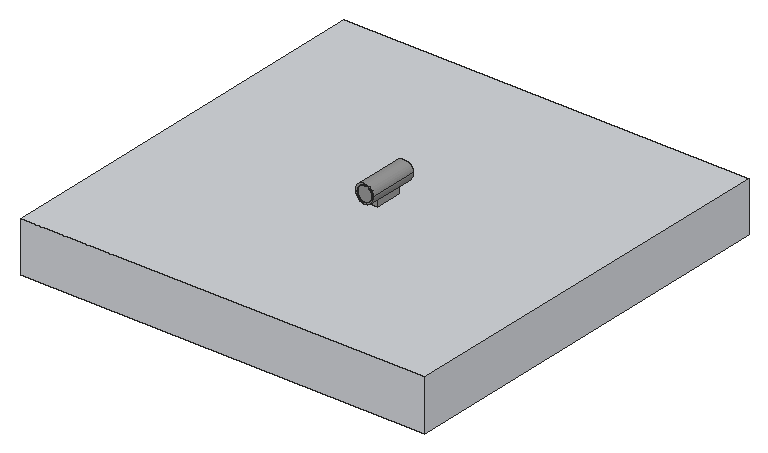
Revit family "LAMP_LUP WALL 110 DIRECT INDIRECT", category Luminarias, Revit 2018
Family settings
  Anfitrión = Cara
  Cota de conector redondo = Diámetro de uso
  Tipo de pieza = Normal
  Corte con vacíos al cargar = No
  Origen de luz = Sí
  Compartido = No
  Punto de cálculo de habitación = No
Parameters (values of type "2510LM 4000 SPOT BLACK")
  Ángulo de inclinación = 0.00°
  Weight = 2.70 kg
  Wattage = 18.6 W
  Type = "HI POWER NICHIA"
  built-in parameter 1150107 = 4000 (stored number, unit not read)
  built-in parameter 1150110 = 1 (stored number, unit not read)
  built-in parameter 1150109 = 1 (stored number, unit not read)
  built-in parameter 1150112 = 1 (stored number, unit not read)
  built-in parameter 1150113 = 1 (stored number, unit not read)
  built-in parameter 1114218 = 1 (stored number, unit not read)
  Protection rating = "IP65 / IK06"
  Product datasheet = "http://www.lamp.es/product-files/TECH/LW1110DI40SP40NB-EN.pdf"
  Product code = "LW1110DI40SP40NB"
  Product URL = "https://www.lamp.es/en/family/lup-wall-mounted_67131"
  Power Supply = "220-240V 50/60Hz"
  Power = 33 W
  Plum = 37.2 W
  built-in parameter 1150142 = "IESNA:LM-63-2002\r\n[TEST] LW1110DI40SP40NB\r\n[TESTLAB] LAMP S.A.U.\r\n[TESTDATE] 23 Jan 2019\r\n[ISSUEDATE] 23 Jan 2019\r\n[MANUFAC] LAMP S.A.U.\r\n[LUMCAT] LW1110DI40SP40NB\r\n[LUMINAIRE] LUP WALL Ø110 DIR/INDIR 4000 NW SP BK.\r\n[FLASHAREA] 0.000311\r\n[LAMPCAT] NICHIA NV4L144ART\r\n[LAMP] NV4L144ART 840 a 1,4A\r\nTILT=NONE\r\n1 1255.00 1.0 46 1 1 2 -0.038 -0.038 0.001\r\n1.00 1.00 37.20\r\n0.00 2.00 4.00 6.00 8.00 10.00 12.00 14.00 16.00 18.00 \r\n20.00 22.00 24.00 26.00 28.00 30.00 32.00 34.00 36.00 \r\n38.00 40.00 42.00 44.00 46.00 48.00 50.00 52.00 54.00 \r\n56.00 58.00 60.00 62.00 64.00 66.00 68.00 70.00 72.00 \r\n74.00 76.00 78.00 80.00 82.00 84.00 86.00 88.00 90.00 \r\n0.00 \r\n10768.15 10068.74 8387.17 6610.03 4874.55 3496.96 2495.52 \r\n1784.31 1225.66 859.69 617.73 468.19 327.80 233.92 186.73 \r\n141.11 114.48 89.39 70.21 56.96 44.16 38.08 32.48 26.86 \r\n21.25 15.83 13.82 12.00 10.17 8.35 6.62 5.91 5.29 4.66 \r\n4.04 3.42 2.78 2.14 1.50 0.85 0.27 0.18 0.15 0.12 0.09 \r\n0.06 \r\n"
  built-in parameter 1150137 = (empty or 0)
  built-in parameter 1150132 = 2
  Material reflector = LAMP_Aluminio Reflector Imag
  Material cuerpo = LAMP_Aluminio perfil Ocult NG
  Material cristal = LAMP_CRISTAL Aro Kombic
  Material COB = LAMP_COB
  Manufacturer name = "LAMP"
  Manufacturer country = "Spain"
  Manufacturer URL = "http://www.lamp.es/en"
  MacAdam = "3"
  Last update = "15/02/2022"
  Lamp = "HIGH POWER LED"
  LED Lifetime = "50.000 L70"
  built-in parameter 1150105 = 99.91 (stored number, unit not read)
  built-in parameter 1150102 = (empty or 0)
  Insulation class = "I"
  Installation instructions = "https://www.lamp.es/product-files/packed/by-family/67131_INS_all.zip"
  Indirect light = LAMP_LUP WALL 110 DIRECT INDIRECT_IND : 2510LM 4000 SPOT BLACK
  built-in parameter 1150106 = 0.9991 (stored number, unit not read)
  Height = "320"
  Gear = "Electronic"
  Lumens = 1255.5 lm
  Finish = "Texturised black RAL 9011"
  Color Filter = 16777215
  built-in parameter 1114217 = 1 (stored number, unit not read)
  built-in parameter 1150139 = (empty or 0)
  Default Elevation = 1219.2 mm
  built-in parameter 1150104 = 6.271 (stored number, unit not read)
  Efficacy = 67.5 lm/W
  Diameter = "110"
  built-in parameter 1150115 = 1 (stored number, unit not read)
  built-in parameter 1150114 = 1 (stored number, unit not read)
  built-in parameter 1150138 = (empty or 0)
  built-in parameter 1150134 = 3
  Dimming Lamp Color Temperature Shift = (empty or 0)
  CRI = "80"
  Archivo de red fotométrica = "LW1110DI40SP40NB_dir.IES"
  built-in parameter 1150133 = 10 (stored number, unit not read)
Types (3, lengths in mm): name | Weight | Wattage | Type | Product datasheet | Product code | Power | Plum | built-in parameter 1150142 | Lamp | LED Lifetime | built-in parameter 1150105 | Indirect light | built-in parameter 1150106 | Lumens | built-in parameter 1150104 | Efficacy | Archivo de red fotométrica
  2510LM 4000 SPOT BLACK | 2.70 kg | 18.6 W | "HI POWER NICHIA" | "http://www.lamp.es/product-files/TECH/LW1110DI40SP40NB-EN.pdf" | "LW1110DI40SP40NB" | 33 W | 37.2 W | "IESNA:LM-63-2002\r\n[TEST] LW1110DI40SP40NB\r\n[TESTLAB] LAMP S.A.U.\r\n[TESTDATE] 23 Jan 2019\r\n[ISSUEDATE] 23 Jan 2019\r\n[MANUFAC] LAMP S.A.U.\r\n[LUMCAT] LW1110DI40SP40NB\r\n[LUMINAIRE] LUP WALL Ø110 DIR/INDIR 4000 NW SP BK.\r\n[FLASHAREA] 0.000311\r\n[LAMPCAT] NICHIA NV4L144ART\r\n[LAMP] NV4L144ART 840 a 1,4A\r\nTILT=NONE\r\n1 1255.00 1.0 46 1 1 2 -0.038 -0.038 0.001\r\n1.00 1.00 37.20\r\n0.00 2.00 4.00 6.00 8.00 10.00 12.00 14.00 16.00 18.00 \r\n20.00 22.00 24.00 26.00 28.00 30.00 32.00 34.00 36.00 \r\n38.00 40.00 42.00 44.00 46.00 48.00 50.00 52.00 54.00 \r\n56.00 58.00 60.00 62.00 64.00 66.00 68.00 70.00 72.00 \r\n74.00 76.00 78.00 80.00 82.00 84.00 86.00 88.00 90.00 \r\n0.00 \r\n10768.15 10068.74 8387.17 6610.03 4874.55 3496.96 2495.52 \r\n1784.31 1225.66 859.69 617.73 468.19 327.80 233.92 186.73 \r\n141.11 114.48 89.39 70.21 56.96 44.16 38.08 32.48 26.86 \r\n21.25 15.83 13.82 12.00 10.17 8.35 6.62 5.91 5.29 4.66 \r\n4.04 3.42 2.78 2.14 1.50 0.85 0.27 0.18 0.15 0.12 0.09 \r\n0.06 \r\n" | "HIGH POWER LED" | "50.000 L70" | 99.91 (stored number, unit not read) | LAMP_LUP WALL 110 DIRECT INDIRECT_IND : 2510LM 4000 SPOT BLACK | 0.9991 (stored number, unit not read) | 1255.5 lm | 6.271 (stored number, unit not read) | 67.5 lm/W | "LW1110DI40SP40NB_dir.IES"
  2706LM 4000 FLOOD BLACK | 2.52 kg | 15.4 W | "COB PHILIPS" | "http://www.lamp.es/product-files/TECH/LW1110DI40FL40NB-EN.pdf" | "LW1110DI40FL40NB" | 27 W | 30.8 W | "IESNA:LM-63-2002\r\n[TEST] LW1110DI40FL40NB\r\n[TESTLAB] LAMP S.A.U.\r\n[TESTDATE] 11 Dec 2018\r\n[ISSUEDATE] 11 Dec 2018\r\n[MANUFAC] LAMP S.A.U.\r\n[LUMCAT] LW1110DI40FL40NB\r\n[LUMINAIRE] LUP WALL Ø110 DIR/INDIR 4000 NW FL BK.\r\n[FLASHAREA] 0.001142\r\n[LAMPCAT] PHILIPS SLM 1205 G6\r\n[LAMP] SLM 1205 G6 NW a 0.4A\r\nTILT=NONE\r\n1 1353.24 1.0 37 1 1 2 -0.075 -0.075 0.001\r\n1.00 1.00 30.80\r\n0.00 2.50 5.00 7.50 10.00 12.50 15.00 17.50 20.00 22.50 \r\n25.00 27.50 30.00 32.50 35.00 37.50 40.00 42.50 45.00 \r\n47.50 50.00 52.50 55.00 57.50 60.00 62.50 65.00 67.50 \r\n70.00 72.50 75.00 77.50 80.00 82.50 85.00 87.50 90.00 \r\n0.00 \r\n3371.14 3281.93 3089.87 2834.08 2550.81 2185.36 1821.81 \r\n1468.56 1188.52 964.36 763.70 649.82 554.10 414.13 275.73 \r\n155.49 41.94 28.42 19.98 15.82 12.04 10.64 9.27 7.95 6.65 \r\n5.98 5.33 4.69 4.05 3.34 2.63 1.92 1.24 0.92 0.63 0.36 \r\n0.00 \r\n" | "COB LED" | "50.000 L80 B10" | 107.68 (stored number, unit not read) | LAMP_LUP WALL 110 DIRECT INDIRECT_IND : 2706LM 4000 FLOOD BLACK | 1.0768 (stored number, unit not read) | 1353.2 lm | 8.1634 (stored number, unit not read) | 87.87 lm/W | "LW1110DI40FL40NB_dir.IES"
  2748LM 4000 WIDE FLOOD BLACK | 2.52 kg | 15.4 W | "COB PHILIPS" | "http://www.lamp.es/product-files/TECH/LW1110DI40WF40NB-EN.pdf" | "LW1110DI40WF40NB" | 27 W | 30.8 W | "IESNA:LM-63-2002\r\n[TEST] LW1110DI40WF40NB\r\n[TESTLAB] LAMP S.A.U.\r\n[TESTDATE] 11 Dec 2018\r\n[ISSUEDATE] 11 Dec 2018\r\n[MANUFAC] LAMP S.A.U.\r\n[LUMCAT] LW1110DI40WF40NB\r\n[LUMINAIRE] LUP WALL Ø110 DIR/INDIR 4000 NW WFL BK.\r\n[FLASHAREA] 0.001142\r\n[LAMPCAT] PHILIPS SLM 1205 G6\r\n[LAMP] SLM 1205 G6 NW a 0.4A\r\nTILT=NONE\r\n1 1373.87 1.0 37 1 1 2 -0.075 -0.075 0.001\r\n1.00 1.00 30.80\r\n0.00 2.50 5.00 7.50 10.00 12.50 15.00 17.50 20.00 22.50 \r\n25.00 27.50 30.00 32.50 35.00 37.50 40.00 42.50 45.00 \r\n47.50 50.00 52.50 55.00 57.50 60.00 62.50 65.00 67.50 \r\n70.00 72.50 75.00 77.50 80.00 82.50 85.00 87.50 90.00 \r\n0.00 \r\n1874.35 1861.77 1827.96 1803.55 1792.21 1784.62 1759.02 \r\n1676.98 1527.33 1280.52 1039.87 850.47 673.09 488.02 \r\n311.20 176.20 53.06 34.75 20.67 14.88 10.17 8.79 7.44 \r\n6.18 4.92 4.17 3.44 2.72 2.02 1.65 1.29 0.95 0.61 0.51 \r\n0.42 0.37 0.00 \r\n" | "COB LED" | "50.000 L80 B10" | 109.33 (stored number, unit not read) | LAMP_LUP WALL 110 DIRECT INDIRECT_IND : 2748LM 4000 WIDE FLOOD BLACK | 1.0933 (stored number, unit not read) | 1373.83 lm | 8.2879 (stored number, unit not read) | 89.21 lm/W | "LW1110DI40WF40NB_dir.IES"
Reference planes
  plane 1 "Centro (Frontal/Posterior)": y = 0
  plane 2: z = 0
  plane 3 "Centro (Izquierda/Derecha)": x = 0
Forms (mm)
  Extrusion 1, solid
    sketch origin (0, 0, 0) x (1, 0, 0) y (0, 1, 0)
      loop
        line (-1219.2, 1219.2) -> (-1219.2, -1219.2) -> (1219.2, -1219.2) -> (1219.2, 1219.2) -> (-1219.2, 1219.2)
    from 0 to -304.8
  Extrusion 2, solid, material "LAMP_Aluminio perfil Ocult NG" <- "Material cuerpo"
    sketch origin (0, 0, 0) x (1, 0, 0) y (0, 0, 1)
      loop
        line (-22.5, 0) -> (22.5, 0) -> (22.5, 44.6)
        arc (22.5, 44.6) -> (0, 36.559) -> (-22.5, 44.6) r 35.5
        line (-22.5, 44.6) -> (-22.5, 0)
    from -80 to 80
  Extrusion 3, solid, material "LAMP_Aluminio perfil Ocult NG" <- "Material cuerpo"
    sketch origin (0, 0, 20) x (1, 0, 0) y (0, 0, 1)
      loop
        circle (0, 71.559) r 55
    from -147.5 to 147.5
  Extrusion 4, void
    sketch origin (0, 0, 20) x (1, 0, 0) y (0, 0, 1)
      loop
        circle (0, 71.559) r 44.8
    from -147.5 to 147.5
  Extrusion 5, solid, material "LAMP_CRISTAL Aro Kombic" <- "Material cristal"
    sketch origin (0, 0, 20) x (1, 0, 0) y (0, 0, 1)
      loop
        circle (0, 71.559) r 44.8
    from 146.5 to 147.5
  Revolve 6, solid, material "LAMP_Aluminio Reflector Imag" <- "Material reflector"
    sketch origin (0, -11.159, -7.2) x (0, 0.981627, -0.190809) y (0, 0.190809, 0.981627)
      loop
        line (-156.564, 96.152) -> (-151.699, 71.121) -> (-131.754, 74.998) -> (-112.808, 78.68) -> (-114.335, 86.533) -> (-114.526, 87.515) -> (-115.507, 87.324) -> (-160.247, 115.098) -> (-156.564, 96.152)
      axis (-151.699, 71.121) -> (-112.808, 78.68)
    angle from 0 to 360
  Revolve 7, void
    sketch origin (0, -11.159, -7.2) x (0, 0.981627, -0.190809) y (0, 0.190809, 0.981627)
      loop
        line (-156.564, 96.152) -> (-151.699, 71.121) -> (-131.754, 74.998) -> (-112.808, 78.68) -> (-114.335, 86.533) -> (-115.316, 86.342) -> (-160.056, 114.116) -> (-156.564, 96.152)
      axis (-151.699, 71.121) -> (-112.808, 78.68)
    angle from 0 to 360
  Extrusion 8, solid, material "LAMP_COB" <- "Material COB"
    sketch origin (0, 19.3, 20) x (1, 0, 0) y (0, 0, 1)
      loop
        circle (0, 71.559) r 9
    from 126.182 to 127.182
  Extrusion 9, solid, material "LAMP_CRISTAL Aro Kombic" <- "Material cristal"
    sketch origin (0, 0, 20) x (1, 0, 0) y (0, 0, -1)
      loop
        circle (0, -71.559) r 44.8
    from 146.5 to 147.5
  Revolve 10, solid, material "LAMP_Aluminio Reflector Imag" <- "Material reflector"
    sketch origin (0, 11.159, -7.2) x (0, -0.981627, -0.190809) y (0, -0.190809, 0.981627)
      loop
        line (-156.564, 96.152) -> (-151.699, 71.121) -> (-131.754, 74.998) -> (-112.808, 78.68) -> (-114.335, 86.533) -> (-114.526, 87.515) -> (-115.507, 87.324) -> (-160.247, 115.098) -> (-156.564, 96.152)
      axis (-151.699, 71.121) -> (-112.808, 78.68)
    angle from 0 to 360
  Revolve 11, void
    sketch origin (0, 11.159, -7.2) x (0, -0.981627, -0.190809) y (0, -0.190809, 0.981627)
      loop
        line (-156.564, 96.152) -> (-151.699, 71.121) -> (-131.754, 74.998) -> (-112.808, 78.68) -> (-114.335, 86.533) -> (-115.316, 86.342) -> (-160.056, 114.116) -> (-156.564, 96.152)
      axis (-151.699, 71.121) -> (-112.808, 78.68)
    angle from 0 to 360
  Revolve 12, void
    sketch origin (0, 11.159, -7.2) x (0, -0.981627, -0.190809) y (0, -0.190809, 0.981627)
      loop
        line (-156.564, 96.152) -> (-151.699, 71.121) -> (-131.754, 74.998) -> (-112.808, 78.68) -> (-114.335, 86.533) -> (-115.316, 86.342) -> (-160.056, 114.116) -> (-156.564, 96.152)
      axis (-151.699, 71.121) -> (-112.808, 78.68)
    angle from 0 to 360
  Extrusion 13, solid, material "LAMP_COB" <- "Material COB"
    sketch origin (0, 234.064, 20) x (1, 0, 0) y (0, 0, 1)
      loop
        circle (0, 71.559) r 9
    from 126.182 to 127.182
Cuts and joins
  Extrusion 4 cuts Extrusion 3
  Revolve 7, Revolve 11, Revolve 12 cuts Revolve 6
  Revolve 11, Revolve 12 cuts Extrusion 5
  Revolve 11, Revolve 12 cuts Extrusion 8
  Revolve 12 cuts Revolve 10
Text (mm)
  text "Any modification of the parameters and properties of the LAMP BIM models must be executed and validated by the LAMP technical department.\nPhone: +34 93 736 68 00\nE-mail: lamp@lamp.es\n\nLAMP reserves the right to modify the technical specifications of its products." at (-11425.66, 18778.065, -12918.526), in view "Vista 1"
Dimensions and locks
  aligned and locked: plane 2 to Extrusion 1
  aligned and locked: level to Extrusion 1
Nested families
  nested 1: "LAMP_LUP WALL 110 DIRECT INDIRECT_IND" at (-0.001, 147.496, -1408.435) x (0, -1, 0) z (0, 0, 1), type <- "Indirect light", type "2510LM 4000 SPOT BLACK"
Connectors
  electrical at (0, 0, 0)
    settings: on Extrusion 2, index 1, voltage 230 V, apparent load 0 VA, apparent load phase1 0 VA, apparent load phase2 0 VA, apparent load phase3 0 VA, power factor 1, load classification "Otro", number of poles 1, system type 31, power factor state 1, is connector primary yes, connector utility no, sub classification motor no, connector description ""
Definition of nested family "LAMP_LUP WALL 110 DIRECT INDIRECT_IND"
  Parameters (values of type "2510LM 4000 SPOT BLACK")
    Tilt Angle = 180.00°
    Wattage = 18.6 W
    built-in parameter 1150110 = 1 (stored number, unit not read)
    built-in parameter 1150142 = "IESNA:LM-63-2002\r\n[TEST] LW1110DI40SP40NB\r\n[TESTLAB] LAMP S.A.U.\r\n[TESTDATE] 23 Jan 2019\r\n[ISSUEDATE] 23 Jan 2019\r\n[MANUFAC] LAMP S.A.U.\r\n[LUMCAT] LW1110DI40SP40NB\r\n[LUMINAIRE] LUP WALL Ø110 DIR/INDIR 4000 NW SP BK.\r\n[FLASHAREA] 0.000311\r\n[LAMPCAT] NICHIA NV4L144ART\r\n[LAMP] NV4L144ART 840 a 1,4A\r\nTILT=NONE\r\n1 1255.01 1.0 91 1 1 2 -0.038 -0.038 0.001\r\n1.00 1.00 37.20\r\n0.00 2.00 4.00 6.00 8.00 10.00 12.00 14.00 16.00 18.00 \r\n20.00 22.00 24.00 26.00 28.00 30.00 32.00 34.00 36.00 \r\n38.00 40.00 42.00 44.00 46.00 48.00 50.00 52.00 54.00 \r\n56.00 58.00 60.00 62.00 64.00 66.00 68.00 70.00 72.00 \r\n74.00 76.00 78.00 80.00 82.00 84.00 86.00 88.00 90.00 \r\n92.00 94.00 96.00 98.00 100.00 102.00 104.00 106.00 \r\n108.00 110.00 112.00 114.00 116.00 118.00 120.00 122.00 \r\n124.00 126.00 128.00 130.00 132.00 134.00 136.00 138.00 \r\n140.00 142.00 144.00 146.00 148.00 150.00 152.00 154.00 \r\n156.00 158.00 160.00 162.00 164.00 166.00 168.00 170.00 \r\n172.00 174.00 176.00 178.00 180.00 \r\n0.00 \r\n0.00 0.00 0.00 0.00 0.00 0.00 0.00 0.00 0.00 0.00 0.00 \r\n0.00 0.00 0.00 0.00 0.00 0.00 0.00 0.00 0.00 0.00 0.00 \r\n0.00 0.00 0.00 0.00 0.00 0.00 0.00 0.00 0.00 0.00 0.00 \r\n0.00 0.00 0.00 0.00 0.00 0.00 0.00 0.00 0.00 0.00 0.00 \r\n0.00 0.06 0.09 0.12 0.15 0.18 0.27 0.85 1.50 2.14 2.78 \r\n3.42 4.04 4.66 5.29 5.91 6.62 8.35 10.17 12.00 13.82 \r\n15.83 21.25 26.86 32.48 38.08 44.16 56.96 70.21 89.39 \r\n114.48 141.11 186.73 233.92 327.80 468.19 617.73 859.69 \r\n1225.66 1784.31 2495.52 3496.96 4874.55 6610.03 8387.17 \r\n10068.74 10768.15 \r\n"
    built-in parameter 1114217 = 1 (stored number, unit not read)
    built-in parameter 1150109 = 1 (stored number, unit not read)
    built-in parameter 1150134 = 12
    built-in parameter 1150113 = 1 (stored number, unit not read)
    Lumens = 1255.5 lm
    built-in parameter 1150115 = 1 (stored number, unit not read)
    built-in parameter 1150105 = 99.91 (stored number, unit not read)
    built-in parameter 1150137 = (empty or 0)
    built-in parameter 1150139 = (empty or 0)
    built-in parameter 1150112 = 1 (stored number, unit not read)
    built-in parameter 1150114 = 1 (stored number, unit not read)
    built-in parameter 1150132 = 2
    built-in parameter 1150102 = (empty or 0)
    built-in parameter 1150138 = (empty or 0)
    built-in parameter 1150107 = 4000 (stored number, unit not read)
    built-in parameter 1150106 = 0.9991 (stored number, unit not read)
    built-in parameter 1150104 = 6.271 (stored number, unit not read)
    Dimming Lamp Color Temperature Shift = (empty or 0)
    Color Filter = 16777215
    built-in parameter 1114218 = 1 (stored number, unit not read)
    Photometric Web File = "LW1110DI40SP40NB_ind.IES"
    built-in parameter 1150133 = 10 (stored number, unit not read)
  Types (4, lengths in mm): name | Wattage | built-in parameter 1150142 | Lumens | built-in parameter 1150105 | built-in parameter 1150106 | built-in parameter 1150104 | Photometric Web File
    (no name) | 18.6 W | "IESNA:LM-63-2002\r\n[TEST] LW1110DI40SP40NB\r\n[TESTLAB] LAMP S.A.U.\r\n[TESTDATE] 23 Jan 2019\r\n[ISSUEDATE] 23 Jan 2019\r\n[MANUFAC] LAMP S.A.U.\r\n[LUMCAT] LW1110DI40SP40NB\r\n[LUMINAIRE] LUP WALL Ø110 DIR/INDIR 4000 NW SP BK.\r\n[FLASHAREA] 0.000311\r\n[LAMPCAT] NICHIA NV4L144ART\r\n[LAMP] NV4L144ART 840 a 1,4A\r\nTILT=NONE\r\n1 1255.01 1.0 91 1 1 2 -0.038 -0.038 0.001\r\n1.00 1.00 37.20\r\n0.00 2.00 4.00 6.00 8.00 10.00 12.00 14.00 16.00 18.00 \r\n20.00 22.00 24.00 26.00 28.00 30.00 32.00 34.00 36.00 \r\n38.00 40.00 42.00 44.00 46.00 48.00 50.00 52.00 54.00 \r\n56.00 58.00 60.00 62.00 64.00 66.00 68.00 70.00 72.00 \r\n74.00 76.00 78.00 80.00 82.00 84.00 86.00 88.00 90.00 \r\n92.00 94.00 96.00 98.00 100.00 102.00 104.00 106.00 \r\n108.00 110.00 112.00 114.00 116.00 118.00 120.00 122.00 \r\n124.00 126.00 128.00 130.00 132.00 134.00 136.00 138.00 \r\n140.00 142.00 144.00 146.00 148.00 150.00 152.00 154.00 \r\n156.00 158.00 160.00 162.00 164.00 166.00 168.00 170.00 \r\n172.00 174.00 176.00 178.00 180.00 \r\n0.00 \r\n0.00 0.00 0.00 0.00 0.00 0.00 0.00 0.00 0.00 0.00 0.00 \r\n0.00 0.00 0.00 0.00 0.00 0.00 0.00 0.00 0.00 0.00 0.00 \r\n0.00 0.00 0.00 0.00 0.00 0.00 0.00 0.00 0.00 0.00 0.00 \r\n0.00 0.00 0.00 0.00 0.00 0.00 0.00 0.00 0.00 0.00 0.00 \r\n0.00 0.06 0.09 0.12 0.15 0.18 0.27 0.85 1.50 2.14 2.78 \r\n3.42 4.04 4.66 5.29 5.91 6.62 8.35 10.17 12.00 13.82 \r\n15.83 21.25 26.86 32.48 38.08 44.16 56.96 70.21 89.39 \r\n114.48 141.11 186.73 233.92 327.80 468.19 617.73 859.69 \r\n1225.66 1784.31 2495.52 3496.96 4874.55 6610.03 8387.17 \r\n10068.74 10768.15 \r\n" | 1255.5 lm | 99.91 (stored number, unit not read) | 0.9991 (stored number, unit not read) | 6.271 (stored number, unit not read) | "LW1110DI40SP40NB_ind.IES"
    2510LM 4000 SPOT BLACK | 18.6 W | "IESNA:LM-63-2002\r\n[TEST] LW1110DI40SP40NB\r\n[TESTLAB] LAMP S.A.U.\r\n[TESTDATE] 23 Jan 2019\r\n[ISSUEDATE] 23 Jan 2019\r\n[MANUFAC] LAMP S.A.U.\r\n[LUMCAT] LW1110DI40SP40NB\r\n[LUMINAIRE] LUP WALL Ø110 DIR/INDIR 4000 NW SP BK.\r\n[FLASHAREA] 0.000311\r\n[LAMPCAT] NICHIA NV4L144ART\r\n[LAMP] NV4L144ART 840 a 1,4A\r\nTILT=NONE\r\n1 1255.01 1.0 91 1 1 2 -0.038 -0.038 0.001\r\n1.00 1.00 37.20\r\n0.00 2.00 4.00 6.00 8.00 10.00 12.00 14.00 16.00 18.00 \r\n20.00 22.00 24.00 26.00 28.00 30.00 32.00 34.00 36.00 \r\n38.00 40.00 42.00 44.00 46.00 48.00 50.00 52.00 54.00 \r\n56.00 58.00 60.00 62.00 64.00 66.00 68.00 70.00 72.00 \r\n74.00 76.00 78.00 80.00 82.00 84.00 86.00 88.00 90.00 \r\n92.00 94.00 96.00 98.00 100.00 102.00 104.00 106.00 \r\n108.00 110.00 112.00 114.00 116.00 118.00 120.00 122.00 \r\n124.00 126.00 128.00 130.00 132.00 134.00 136.00 138.00 \r\n140.00 142.00 144.00 146.00 148.00 150.00 152.00 154.00 \r\n156.00 158.00 160.00 162.00 164.00 166.00 168.00 170.00 \r\n172.00 174.00 176.00 178.00 180.00 \r\n0.00 \r\n0.00 0.00 0.00 0.00 0.00 0.00 0.00 0.00 0.00 0.00 0.00 \r\n0.00 0.00 0.00 0.00 0.00 0.00 0.00 0.00 0.00 0.00 0.00 \r\n0.00 0.00 0.00 0.00 0.00 0.00 0.00 0.00 0.00 0.00 0.00 \r\n0.00 0.00 0.00 0.00 0.00 0.00 0.00 0.00 0.00 0.00 0.00 \r\n0.00 0.06 0.09 0.12 0.15 0.18 0.27 0.85 1.50 2.14 2.78 \r\n3.42 4.04 4.66 5.29 5.91 6.62 8.35 10.17 12.00 13.82 \r\n15.83 21.25 26.86 32.48 38.08 44.16 56.96 70.21 89.39 \r\n114.48 141.11 186.73 233.92 327.80 468.19 617.73 859.69 \r\n1225.66 1784.31 2495.52 3496.96 4874.55 6610.03 8387.17 \r\n10068.74 10768.15 \r\n" | 1255.5 lm | 99.91 (stored number, unit not read) | 0.9991 (stored number, unit not read) | 6.271 (stored number, unit not read) | "LW1110DI40SP40NB_ind.IES"
    2706LM 4000 FLOOD BLACK | 15.4 W | "IESNA:LM-63-2002\r\n[TEST] LW1110DI40FL40NB\r\n[TESTLAB] LAMP S.A.U.\r\n[TESTDATE] 11 Dec 2018\r\n[ISSUEDATE] 11 Dec 2018\r\n[MANUFAC] LAMP S.A.U.\r\n[LUMCAT] LW1110DI40FL40NB\r\n[LUMINAIRE] LUP WALL Ø110 DIR/INDIR 4000 NW FL BK.\r\n[FLASHAREA] 0.001142\r\n[LAMPCAT] PHILIPS SLM 1205 G6\r\n[LAMP] SLM 1205 G6 NW a 0.4A\r\nTILT=NONE\r\n1 1353.24 1.0 73 1 1 2 -0.075 -0.075 0.001\r\n1.00 1.00 30.80\r\n0.00 2.50 5.00 7.50 10.00 12.50 15.00 17.50 20.00 22.50 \r\n25.00 27.50 30.00 32.50 35.00 37.50 40.00 42.50 45.00 \r\n47.50 50.00 52.50 55.00 57.50 60.00 62.50 65.00 67.50 \r\n70.00 72.50 75.00 77.50 80.00 82.50 85.00 87.50 90.00 \r\n92.50 95.00 97.50 100.00 102.50 105.00 107.50 110.00 \r\n112.50 115.00 117.50 120.00 122.50 125.00 127.50 130.00 \r\n132.50 135.00 137.50 140.00 142.50 145.00 147.50 150.00 \r\n152.50 155.00 157.50 160.00 162.50 165.00 167.50 170.00 \r\n172.50 175.00 177.50 180.00 \r\n0.00 \r\n0.00 0.00 0.00 0.00 0.00 0.00 0.00 0.00 0.00 0.00 0.00 \r\n0.00 0.00 0.00 0.00 0.00 0.00 0.00 0.00 0.00 0.00 0.00 \r\n0.00 0.00 0.00 0.00 0.00 0.00 0.00 0.00 0.00 0.00 0.00 \r\n0.00 0.00 0.00 0.00 0.36 0.63 0.92 1.24 1.92 2.63 3.34 \r\n4.05 4.69 5.33 5.98 6.65 7.95 9.27 10.64 12.04 15.82 \r\n19.98 28.42 41.94 155.49 275.73 414.13 554.10 649.82 \r\n763.70 964.36 1188.52 1468.56 1821.81 2185.36 2550.81 \r\n2834.08 3089.87 3281.93 3371.14 \r\n" | 1353.2 lm | 11610.6 (stored number, unit not read) | 116.11 (stored number, unit not read) | 8.1634 (stored number, unit not read) | "LW1110DI40FL40NB_ind.IES"
    2748LM 4000 WIDE FLOOD BLACK | 15.4 W | "IESNA:LM-63-2002\r\n[TEST] LW1110DI40WF40NB\r\n[TESTLAB] LAMP S.A.U.\r\n[TESTDATE] 11 Dec 2018\r\n[ISSUEDATE] 11 Dec 2018\r\n[MANUFAC] LAMP S.A.U.\r\n[LUMCAT] LW1110DI40WF40NB\r\n[LUMINAIRE] LUP WALL Ø110 DIR/INDIR 4000 NW WFL BK.\r\n[FLASHAREA] 0.001142\r\n[LAMPCAT] PHILIPS SLM 1205 G6\r\n[LAMP] SLM 1205 G6 NW a 0.4A\r\nTILT=NONE\r\n1 1373.87 1.0 73 1 1 2 -0.075 -0.075 0.001\r\n1.00 1.00 30.80\r\n0.00 2.50 5.00 7.50 10.00 12.50 15.00 17.50 20.00 22.50 \r\n25.00 27.50 30.00 32.50 35.00 37.50 40.00 42.50 45.00 \r\n47.50 50.00 52.50 55.00 57.50 60.00 62.50 65.00 67.50 \r\n70.00 72.50 75.00 77.50 80.00 82.50 85.00 87.50 90.00 \r\n92.50 95.00 97.50 100.00 102.50 105.00 107.50 110.00 \r\n112.50 115.00 117.50 120.00 122.50 125.00 127.50 130.00 \r\n132.50 135.00 137.50 140.00 142.50 145.00 147.50 150.00 \r\n152.50 155.00 157.50 160.00 162.50 165.00 167.50 170.00 \r\n172.50 175.00 177.50 180.00 \r\n0.00 \r\n0.00 0.00 0.00 0.00 0.00 0.00 0.00 0.00 0.00 0.00 0.00 \r\n0.00 0.00 0.00 0.00 0.00 0.00 0.00 0.00 0.00 0.00 0.00 \r\n0.00 0.00 0.00 0.00 0.00 0.00 0.00 0.00 0.00 0.00 0.00 \r\n0.00 0.00 0.00 0.00 0.37 0.42 0.51 0.61 0.95 1.29 1.65 \r\n2.02 2.72 3.44 4.17 4.92 6.18 7.44 8.79 10.17 14.88 20.67 \r\n34.75 53.06 176.20 311.20 488.02 673.09 850.47 1039.87 \r\n1280.52 1527.33 1676.98 1759.02 1784.62 1792.21 1803.55 \r\n1827.96 1861.77 1874.35 \r\n" | 1373.83 lm | 3422.4 (stored number, unit not read) | 34.224 (stored number, unit not read) | 8.2879 (stored number, unit not read) | "LW1110DI40WF40NB_ind.IES"
  Reference planes
    plane 1 "Eje de origen de luz (F/P)": y = 0
    plane 2: z = 0
    plane 3 "Eje de origen de luz (I/D)": x = 0
    plane 4 "Elevación de origen de luz": z = 1500
  Dimensions and locks
    aligned and locked: plane 3 "Eje de origen de luz (I/D)" to imposter light
    aligned and locked: plane 1 "Eje de origen de luz (F/P)" to imposter light
    aligned and locked: plane 4 "Elevación de origen de luz" to imposter light
    aligned and locked: level to plane 2
